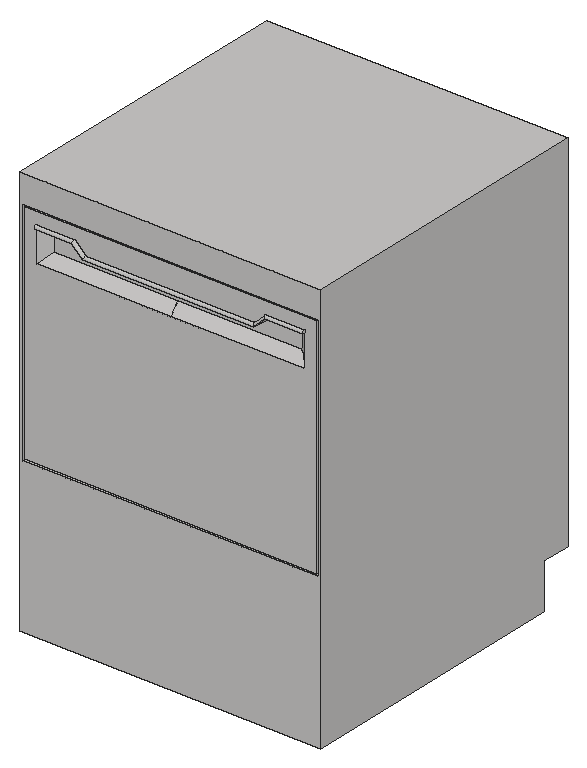
Revit family "QF_ELECTROLUXPROFESSIONAL_502744_ELAI3GUSPH5", category Specialty Equipment, Revit 2018
Family settings
  Round Connector Dimension = Use Diameter
  Part Type = Normal
  Work Plane-Based = No
  Always vertical = Yes
  Cut with Voids When Loaded = No
  Shared = No
  Room Calculation Point = No
Parameters (values of type "Standard")
  Weight = 68.00 kg
  Watts = 0 W
  Volts = 400 V
  URL Manufacturer = "http://professional.electrolux.com"
  URL = "http://professional.electrolux.com"
  Steam Supply Size = 0 mm
  Steam Supply Minimum Pressure = 0.0 Pa
  Steam Supply Maximum Pressure = 0.0 Pa
  Steam Pounds per Hour = 0
  Show Logo [instance] = yes
  Show Clearance [instance] = yes
  Refrigeration Suction Line Size = 0 mm
  Refrigeration Liquid Line Size = 0 mm
  Refrigerant Compressor Remote = yes
  Manufacturer = "Electrolux Professional"
  Phase = 3
  Model = "ELAI3GUSPH5"
  Length Actual = 600 mm  # constant formula
  Item Number = "502744"
  Hot Water Size = 19.05 mm
  Height Actual = 820 mm  # constant formula
  HP = "9.2 HP"
  Gas Size = 0 mm
  Gas KW = 0
  Gas Input Pressure = 0 W
  Direct Waste Size = 20.5 mm
  Description = "UNDERCOUNTER(L), DOUBLE SKIN, 3PH, DP, DD, 720D/H - 400V/ 3/ 50HZ USPH - MARINE"
  Depth Actual = 615 mm  # constant formula
  Cycle = 50 Hz
  Condensate Return Size = 0 mm
  Compressed Air Volume = 0.0 L/s
  Compressed Air Size = 0 mm
  Compressed Air Pressure = 0.0 Pa
  Cold Water Size = 0 mm
  Accessory = yes
Reference planes
  plane 1 "Center (Front/Back)": y = 0
  plane 2: z = 0
  plane 3 "Center (Left/Right)": x = 0
  plane 4 "LEFT": x = -300
  plane 5 "RIGHT": x = 300
  plane 6 "FRONT": y = -307.5
  plane 7 "BACK": y = 307.5
  plane 8: z = 830
  plane 9: z = 10
  plane 10: y = 268.5
Forms (mm)
  Extrusion 1, solid, material "QF_Finishes_Stainless Steel"
    sketch origin (0, 0, 0) x (1, 0, 0) y (0, 1, 0)
      loop
        line (-300, -307.5) -> (300, -307.5) -> (300, 249.5) -> (-300, 249.5) -> (-300, -307.5)
    from 10 to 830
  Extrusion 2, solid, material "QF_Finishes_Stainless Steel"
    sketch origin (0, 0, 0) x (1, 0, 0) y (0, 1, 0)
      loop
        line (-300, 249.5) -> (300, 249.5) -> (300, 307.5) -> (-300, 307.5) -> (-300, 249.5)
    from 100 to 830
  Extrusion 3, solid, material "QF_Finishes_Stainless Steel"
    sketch origin (0, 0, 0) x (1, 0, 0) y (0, 1, 0)
      loop
        circle (-254, 193.5) r 12.5
      loop
        circle (254, 193.5) r 12.5
      loop
        circle (-254, -237.5) r 12.5
      loop
        circle (254, -237.5) r 12.5
    from 0 to 10
  Extrusion 4, void
    sketch origin (-300, -307.5, 0) x (-1, 0, 0) y (0, 0, 1)
      loop
        line (-5, 773.217) -> (-595, 773.217) -> (-595, 315.188) -> (-5, 315.188) -> (-5, 773.217)
    from 0 to 30
  Extrusion 5, solid, material "QF_Finishes_Stainless Steel"
    sketch origin (-274, -411, 733) x (0, 0, -1) y (1, 0, 0)
      loop
        circle (693, 143) r 10
    from -660.5 to -718.5
  Extrusion 6, solid, material "QF_Door-Drawer Clearances", visible <- "Show Clearance", detail levels coarse
    sketch origin (-230, -282.5, 0) x (0, 1, 0) y (0, 0, -1)
      loop
        line (-25, -319.312) -> (-397, -319.312)
        arc (-397, -319.312) -> (-298.139, -616.581) -> (-25, -770) r 434.302
        line (-25, -770) -> (-25, -319.312)
    from 61.225 to -521.647
  Extrusion 7, solid, material "QF_Finishes_Stainless Steel"
    sketch origin (-331.481, -411, 703) x (0, 0, -1) y (1, 0, 0)
      loop
        circle (663, 252.481) r 8
    from -660.5 to -718.5
  Extrusion 8, solid, material "QF_Finishes_Stainless Steel"
    sketch origin (-230, -282.5, 0) x (0, 1, 0) y (0, 0, -1)
      loop
        line (-25, -319.312) -> (-25, -770) -> (0, -770) -> (0, -319.312) -> (-25, -319.312)
    from 61.225 to -521.647
  Extrusion 9, solid, material "QF_Finishes_Stainless Steel"
    sketch origin (-301, 942.75, 760.5) x (0, -1, 0) y (1, 0, 0)
      loop
        circle (663, 158) r 8
    from -660.5 to -670.5
  Blend 10, void
    base sketch origin (-230, -307.5, 770) x (0, 0, -1) y (1, 0, 0)
      loop
        line (93.563, -37.311) -> (93.563, 230) -> (93.563, 497.311) -> (28.563, 497.311) -> (28.563, 422.311) -> (49.776, 401.098) -> (49.776, 230) -> (49.776, 58.902) -> (28.563, 37.689) -> (28.563, -37.311) -> (93.563, -37.311)
    top sketch origin (-230, -307.5, 770) x (0, 0, -1) y (1, 0, 0)
      loop
        line (73.563, -17.311) -> (73.563, 230) -> (73.563, 477.311) -> (31.063, 477.311) -> (31.063, 422.311) -> (52.276, 401.098) -> (52.276, 58.902) -> (31.063, 37.689) -> (31.063, -17.311) -> (73.563, -17.311)
    from 0 to -19.433
  Sweep 11, solid, material "QF_Finishes_Stainless Steel"
    path origin (-230, -307.5, 770) x (0, 0, -1) y (1, 0, 0)
      loop
        line (28.563, -37.311) -> (28.563, 37.689) -> (49.776, 58.902) -> (49.776, 401.098) -> (28.563, 422.311) -> (28.563, 497.311)
    profile origin (-229.811, -307.5, 741.437) x (0, 0, 1) y (0, -1, 0)
      loop
        line (0, 0) -> (5, 0)
        arc (5, 0) -> (3.536, 3.536) -> (0, 5) r 5
        arc (0, 5) -> (-0.037, 0.962) -> (-0.394, -3.06) r 51.04
        line (-0.394, -3.06) -> (0, 0)
Cuts and joins
  Extrusion 4 cuts Extrusion 1
  joined: Extrusion 1, Extrusion 2
  Blend 10 cuts Extrusion 8
Lines and regions (mm)
  Split face 1
    outline origin (-300, -307.5, 830) x (0, 0, -1) y (1, 0, 0)
      loop
        line (56.783, 5) -> (56.783, 0)
      loop
        line (56.783, 595) -> (56.783, 600)
      loop
        line (37.034, 600) -> (37.034, 514.297)
        arc (37.034, 514.297) -> (37.64, 511.25) -> (39.366, 508.667) r 7.962
        line (39.366, 508.667) -> (44.289, 503.744)
        arc (44.289, 503.744) -> (46.135, 500.982) -> (46.783, 497.723) r 8.515
        line (46.783, 497.723) -> (46.783, 87.277)
        arc (46.783, 87.277) -> (46.135, 84.018) -> (44.289, 81.256) r 8.515
        line (44.289, 81.256) -> (39.366, 76.333)
        arc (39.366, 76.333) -> (37.64, 73.75) -> (37.034, 70.703) r 7.962
        line (37.034, 70.703) -> (37.034, 0)
  Split face 2
    outline origin (-300, -307.5, 830) x (0, 0, -1) y (1, 0, 0)
      loop
        line (13.15, 274.82) -> (37.034, 274.82) -> (37.034, 325.18) -> (13.15, 325.18) -> (13.15, 274.82)
  symbolic lines
    curve 1: line (-300, 307.5, 0) -> (300, 307.5, 0)
    curve 2: line (-300, -307.5, 0) -> (-300, 307.5, 0)
    curve 3: line (300, -307.5, 0) -> (-300, -307.5, 0)
    curve 4: line (300, 307.5, 0) -> (300, -307.5, 0)
  symbolic lines, style "QF_Door-Drawer Clearances"
    curve 5: line (-291.225, -679.5, 0) -> (291.647, -679.5, 0)
    curve 6: line (291.647, -679.5, 0) -> (291.647, -307.5, 0)
    curve 7: line (-291.225, -679.5, 0) -> (-291.225, -307.5, 0)
  symbolic lines, style "SpecialityEquipmentHiddenLines"
    curve 8: line (-300, 249.5, 0) -> (300, 249.5, 0)
Dimensions and locks
  equal spacing: plane 4 "LEFT", plane 3 "Center (Left/Right)", plane 5 "RIGHT"
  equal spacing: plane 7 "BACK", plane 1 "Center (Front/Back)", plane 6 "FRONT"
  plane 7 "BACK" to plane 6 "FRONT" = 615 mm
  plane 4 "LEFT" to plane 5 "RIGHT" = 600 mm
  locked: plane 9 to level at 10
  plane 4 "LEFT" to plane 3 "Center (Left/Right)" = 300 mm
  plane 8 to level = 830 mm  (x2)
  Extrusion 9 sketch curve to plane 4 "LEFT" = 157 mm
  level to Extrusion 5 sketch curve = 40 mm
  Extrusion 5 sketch curve to plane 4 "LEFT" = 169 mm
  Extrusion 7 sketch curve to plane 4 "LEFT" = 221 mm
  level to Extrusion 7 sketch curve = 40 mm
  Extrusion 3 to cut or joined group of Extrusion 1, Extrusion 2, Extrusion 4 = 114 mm
  Extrusion 3 to Extrusion 3 = 431 mm
  plane 6 "FRONT" to Extrusion 3 = 70 mm
  plane 1 "Center (Front/Back)" to plane 6 "FRONT" = 307.5 mm
  locked: plane 7 "BACK" to plane 10 at 39
  plane 7 "BACK" to curve 5 = 987 mm
  Extrusion 8 to cut or joined group of Extrusion 1, Extrusion 2, Extrusion 4 = 454.812 mm
  aligned and locked: level to plane 2
  aligned and locked: Extrusion 1 sketch curve to plane 6 "FRONT"
  aligned and locked: Extrusion 1 sketch curve to plane 4 "LEFT"
  aligned and locked: plane 5 "RIGHT" to Extrusion 1 sketch curve
  aligned and locked: Extrusion 1 to plane 9
  aligned and locked: Extrusion 2 sketch curve to Extrusion 1
  aligned and locked: plane 7 "BACK" to Extrusion 2 sketch curve
  aligned and locked: plane 5 "RIGHT" to Extrusion 2 sketch curve
  aligned and locked: plane 9 to Extrusion 3
Automatic sketch dimensions
  Extrusion 1 sketch curve to plane 10 = 19 mm
  Extrusion 2 sketch curve to plane 10 = 19 mm
  plane 4 "LEFT" to Extrusion 3 sketch curve = 46 mm  (x2)
  Extrusion 3 sketch curve to plane 5 "RIGHT" = 46 mm  (x2)
  plane 6 "FRONT" to Extrusion 3 sketch curve = 70 mm  (x2)
  Extrusion 3 sketch curve to plane 10 = 75 mm  (x2)
  Extrusion 4 sketch curve to Extrusion 1 = 5 mm  (x2)
  Extrusion 4 sketch curve to Extrusion 1 = 305.188 mm
  Extrusion 4 sketch curve to Extrusion 1 = 56.783 mm
  Extrusion 8 sketch curve to plane 6 "FRONT" = 0 mm
  Extrusion 8 sketch curve to Extrusion 8 sketch curve = 25 mm
  Extrusion 8 sketch curve to plane 8 = 60 mm
  plane 9 to Extrusion 8 sketch curve = 309.312 mm
  cut or joined group of Extrusion 1, Extrusion 2, Extrusion 4 to Split face 1 sketch curve = 0 mm  (x2)
  Split face 1 sketch curve to cut or joined group of Extrusion 1, Extrusion 2, Extrusion 4 = 0 mm  (x6)
  cut or joined group of Extrusion 1, Extrusion 2, Extrusion 4 to Split face 1 sketch curve = 10 mm
  Split face 1 sketch curve to Split face 1 sketch curve = 2.494 mm  (x2)
  Split face 1 sketch curve to Split face 1 sketch curve = 8.515 mm  (x2)
  cut or joined group of Extrusion 1, Extrusion 2, Extrusion 4 to Split face 1 sketch curve = 11.786 mm  (x2)
  Split face 1 sketch curve to Split face 1 sketch curve = 5.63 mm  (x2)
  Split face 1 sketch curve to Split face 1 sketch curve = 2.332 mm  (x2)
  Split face 1 sketch curve to cut or joined group of Extrusion 1, Extrusion 2, Extrusion 4 = 65.703 mm
  Split face 1 sketch curve to Split face 1 sketch curve = 4.923 mm  (x2)
  Split face 1 sketch curve to cut or joined group of Extrusion 1, Extrusion 2, Extrusion 4 = 97.277 mm
  Split face 2 sketch curve to cut or joined group of Extrusion 1, Extrusion 2, Extrusion 4 = 13.15 mm
  cut or joined group of Extrusion 1, Extrusion 2, Extrusion 4 to Split face 2 sketch curve = 19.749 mm
  Split face 2 sketch curve to cut or joined group of Extrusion 1, Extrusion 2, Extrusion 4 = 269.82 mm
  Split face 2 sketch curve to Split face 2 sketch curve = 50.359 mm
  curve 1 to plane 4 "LEFT" = 0 mm
  curve 7 to plane 6 "FRONT" = 0 mm
  curve 4 to plane 5 "RIGHT" = 0 mm
  curve 8 to plane 10 = 19 mm
  curve 2 to plane 7 "BACK" = 0 mm
  plane 4 "LEFT" to curve 5 = 8.775 mm
  curve 6 to plane 5 "RIGHT" = 8.353 mm
  Extrusion 6 sketch curve to plane 6 "FRONT" = 0 mm
  plane 6 "FRONT" to Extrusion 6 sketch curve = 61.803 mm
  plane 9 to Extrusion 6 sketch curve = 330.118 mm
  Extrusion 6 sketch curve to Extrusion 6 sketch curve = 20.806 mm
  Extrusion 6 sketch curve to plane 6 "FRONT" = 372 mm
  Blend 10 sketch curve to Extrusion 8 = 28.563 mm  (x2)
  Blend 10 sketch curve to Extrusion 8 = 49.776 mm
  Blend 10 sketch curve to Blend 10 sketch curve = 65 mm
  Extrusion 8 to Blend 10 sketch curve = 23.913 mm
  Blend 10 sketch curve to Blend 10 sketch curve = 75 mm  (x2)
  Blend 10 sketch curve to Blend 10 sketch curve = 21.213 mm  (x5)
  Blend 10 sketch curve to Blend 10 sketch curve = 171.098 mm  (x2)
  Blend 10 sketch curve to Blend 10 sketch curve = 0 mm
  Extrusion 8 to Blend 10 sketch curve = 120.549 mm
  Extrusion 8 to Blend 10 sketch curve = 99.335 mm
  Extrusion 8 to Blend 10 sketch curve = 43.913 mm
  Blend 10 sketch curve to Blend 10 sketch curve = 42.5 mm
  Extrusion 8 to Blend 10 sketch curve = 44.335 mm
  Blend 10 sketch curve to Blend 10 sketch curve = 55 mm  (x2)
  Blend 10 sketch curve to Extrusion 8 = 31.063 mm
  Extrusion 8 to Sweep 11 sketch curve = 98.913 mm
  Sweep 11 sketch curve to Sweep 11 sketch curve = 21.213 mm  (x4)
  Extrusion 8 to Sweep 11 sketch curve = 23.913 mm
  Sweep 11 sketch curve to Extrusion 8 = 28.563 mm
  Extrusion 8 to Sweep 11 sketch curve = 99.335 mm
  Extrusion 8 to Sweep 11 sketch curve = 24.335 mm
  profile plane to Sweep 11 sketch curve = 0 mm  (x2)
  Sweep 11 sketch curve to profile plane = 0 mm
  profile plane to Sweep 11 sketch curve = 3.452 mm
  Sweep 11 sketch curve to Sweep 11 sketch curve = 5 mm
  profile plane to Sweep 11 sketch curve = 0.394 mm
  Sweep 11 sketch curve to profile plane = 3.06 mm
  plane 10 to Extrusion 9 sketch curve = 11.25 mm
  radius of Extrusion 3 sketch curve = 12.5 mm  (x4)
  radius of Extrusion 5 sketch curve = 10 mm
  radius of Extrusion 7 sketch curve = 8 mm
  radius of Extrusion 9 sketch curve = 8 mm
Connectors
  piping at (-131, 307.5, 40), diameter 20
    settings: on Extrusion 5, index 1, connector inside diameter 609.6 mm, connector length 0 mm, flow factor 0, pipe flow 0.0 L/s, pressure drop 0.0 Pa, fitting loss kfactor 0, connector angle 0.00°, fixture units 0, engagement length 0 mm, angle of deflection 0.00°, flow configuration 1, flow direction 1, fitting loss method 0, system type 16, joint type 0, gender type 0, connector reference index -1, connector utility 0, adjustable connector no, is connector primary yes, connector description "Drain"
  piping at (-79, 307.5, 40), diameter 16
    settings: on Extrusion 7, index 3, connector inside diameter 609.6 mm, connector length 0 mm, flow factor 0, pipe flow 0.0 L/s, pressure drop 0.0 Pa, fitting loss kfactor 0, connector angle 0.00°, fixture units 0, engagement length 0 mm, angle of deflection 0.00°, flow configuration 1, flow direction 1, fitting loss method 0, system type 20, joint type 0, gender type 0, connector reference index -1, connector utility 0, adjustable connector no, is connector primary no, connector description "Cold Water Inlet"
  electrical at (-143, 279.75, 90), driven by "Volts"
    settings: on Extrusion 9, index 4, voltage 400 V, apparent load 0 VA, apparent load phase1 0 VA, apparent load phase2 0 VA, apparent load phase3 0 VA, power factor 1, load classification "Altro", number of poles 1, system type 31, power factor state 1, is connector primary yes, connector utility no, sub classification motor no, connector description "Electrical Connection"
